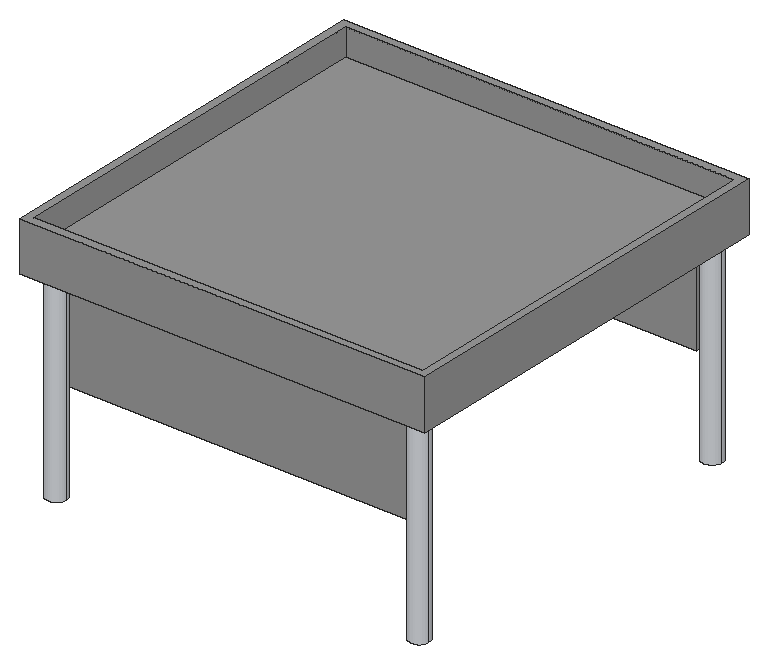
Revit family "Nivellierbare Schwerlastkassette, blind, RKNSL, 16, 9", category Generic Models, Revit 2015
Parameters (values of type "RKN2 9 VMSL1N16")
  Width = 243 mm
  URL = "http://www.obo-bettermann.com"
  Material = Stainless Steel, Polished
  Manufacturer Art.No. = "7409028"
  Manufacturer = "OBO Bettermann"
  Length = 243 mm
  HeightCalc = if(Height < 100 mm, 100 mm, (if(Height > 150 mm, 150 mm, Height)))  # 150 mm
  Height 1 = 30 mm
  Height = 150 mm
  GTIN = "4012195867654"
  Cut depth = 16 mm
  Article Type = "RKN2 9 VMSL1N 16"
Reference planes
  plane 1 "Center (Front/Back)": y = 0
  plane 2: z = 0
  plane 3 "Center (Left/Right)": x = 0
  plane 4: y = 121.5
  plane 5: y = -121.5
  plane 6: z = 150
  plane 7: z = 59
  plane 8: z = 134
  plane 9: z = 120
Forms (mm)
  Extrusion 1, solid
    sketch origin (0, 0, 0) x (1, 0, 0) y (0, 1, 0)
      loop
        circle (-109, -110) r 6
      loop
        circle (-109, 110) r 6
      loop
        circle (109, 110) r 6
      loop
        circle (109, -110) r 6
    from 0 to 120
  Extrusion 2, solid, material "Stainless Steel, Polished" <- "Material"
    sketch origin (0, 0, 0) x (1, 0, 0) y (0, 0, 1)
      loop
        line (-121.5, 150) -> (-121.5, 120) -> (121.5, 120) -> (121.5, 150) -> (-121.5, 150)
    from -121.5 to 121.5
  Extrusion 3, solid, material "Stainless Steel, Polished" <- "Material"
    sketch origin (0, 0, 0) x (1, 0, 0) y (0, 1, 0)
      loop
        line (-104.2, -104.3) -> (-104.2, -106.3) -> (104.2, -106.3) -> (104.2, -104.3) -> (-104.2, -104.3)
      loop
        line (-104.2, 106.3) -> (-104.2, 104.3) -> (104.2, 104.3) -> (104.2, 106.3) -> (-104.2, 106.3)
    from 59 to 120
  Extrusion 4, void
    sketch origin (0, 0, 0) x (1, 0, 0) y (0, 1, 0)
      loop
        line (-117.05, 117.05) -> (-117.05, -117.05) -> (117.05, -117.05) -> (117.05, 117.05) -> (-117.05, 117.05)
    from 134 to 150
Cuts and joins
  Extrusion 4 cuts Extrusion 1
  Extrusion 4 cuts Extrusion 2
  Extrusion 4 cuts Extrusion 3
Dimensions and locks
  "Width": Extrusion 2 sketch curve to Extrusion 2 sketch curve
  "HeightCalc": plane 6 to level
  locked: Extrusion 3 sketch curve to Extrusion 3 sketch curve at 208.4  (x2)
  locked: Extrusion 3 sketch curve to Extrusion 2 at 15.2
  locked: Extrusion 3 sketch curve to Extrusion 3 sketch curve at 2  (x2)
  "Cut depth": plane 6 to plane 8
  "Length": plane 4 to plane 5
  locked: plane 3 "Center (Left/Right)" to Extrusion 2 sketch curve at 121.5
  locked: plane 4 to plane 1 "Center (Front/Back)" at 121.5
  locked: Extrusion 1 sketch curve to plane 1 "Center (Front/Back)" at 110  (x2)
  locked: plane 3 "Center (Left/Right)" to Extrusion 1 sketch curve at 109  (x2)
  locked: Extrusion 1 sketch curve to plane 3 "Center (Left/Right)" at 109  (x2)
  locked: plane 1 "Center (Front/Back)" to Extrusion 1 sketch curve at 110  (x2)
  "Height 1": plane 6 to plane 9
  locked: Extrusion 3 sketch curve to plane 3 "Center (Left/Right)" at 104.2  (x2)
  locked: cut or joined group of Extrusion 2, Extrusion 4 to Extrusion 3 sketch curve at 15.2
  locked: plane 9 to plane 7 at 61
  locked: Extrusion 4 sketch curve to Extrusion 4 sketch curve at 234.1  (x2)
  equal spacing: Extrusion 4 sketch curve, plane 3 "Center (Left/Right)", Extrusion 4 sketch curve, locked at 117.05 each
  equal spacing: Extrusion 4 sketch curve, plane 1 "Center (Front/Back)", Extrusion 4 sketch curve, locked at 117.05 each
  diameter of Extrusion 1 sketch curve = 12 mm  (x4)
  aligned and locked: level to plane 2
  aligned and locked: plane 5 to Extrusion 2
  aligned and locked: Extrusion 2 to plane 4
  aligned and locked: plane 6 to Extrusion 2
  aligned and locked: Extrusion 1 to Extrusion 3
  aligned and locked: Extrusion 3 to plane 7
  aligned and locked: cut or joined group of Extrusion 2, Extrusion 4 to Extrusion 4
  aligned and locked: Extrusion 4 to plane 8
  aligned and locked: Extrusion 2 to plane 9
  aligned and locked: Extrusion 1 to cut or joined group of Extrusion 2, Extrusion 4
Automatic sketch dimensions
  Extrusion 2 sketch curve to plane 6 = 0 mm
  plane 9 to Extrusion 2 sketch curve = 0 mm
